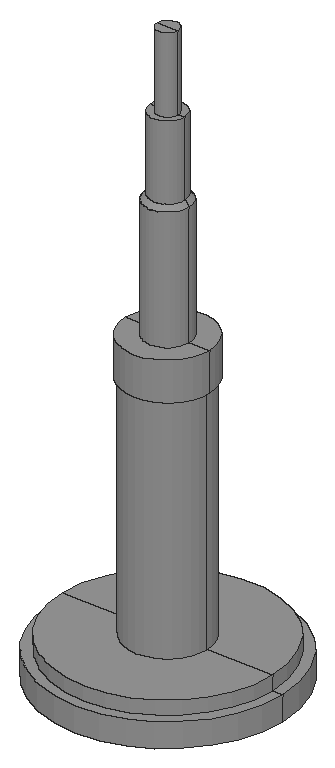
Revit family "Markier- und Spreizwerkzeug E-MSH 8x30", category Generic Models, Revit 2017
Family settings
  Can host rebar = No
  Round Connector Dimension = Use Diameter
  Part Type = Normal
  Work Plane-Based = No
  Always vertical = Yes
  Cut with Voids When Loaded = No
  Shared = No
  Room Calculation Point = No
Parameters (values of type "E-MSH 8x30")
  URL = "http://www.obo-bettermann.com"
  Material = Electrogalvanised
  Manufacturer Art.No. = "3492968"
  Manufacturer = "OBO BETTERMANN"
  GTIN = "4012196709731"
  Description = ""
  Article Type = "E-MSH 8x30"
Reference planes
  plane 1 "Center (Front/Back)": y = 0
  plane 2: z = 0
  plane 3 "Center (Left/Right)": x = 0
Forms (mm)
  Revolve 1, solid, material "Electrogalvanised" <- "Material"
    sketch origin (0, 0, 0) x (1, 0, 0) y (0, 0, 1)
      loop
        line (0, 0) -> (8.016, 0) -> (8.016, 15) -> (0, 15) -> (0, 0)
      axis (0, 15) -> (0, 0)
    angle from 0 to 360
  Revolve 2, solid, material "Electrogalvanised" <- "Material"
    sketch origin (0, 0, 0) x (1, 0, 0) y (0, 0, 1)
      loop
        line (0, 15) -> (42.549, 15) -> (42.549, 23.849) -> (0, 23.849) -> (0, 15)
      axis (0, 23.849) -> (0, 15)
    angle from 0 to 360
  Revolve 3, solid, material "Electrogalvanised" <- "Material"
    sketch origin (0, 0, 0) x (1, 0, 0) y (0, 0, 1)
      loop
        line (0, 23.849) -> (38.755, 23.849) -> (38.755, 28.849) -> (0, 28.849) -> (0, 23.849)
      axis (0, 28.849) -> (0, 23.849)
    angle from 0 to 360
  Revolve 4, solid, material "Electrogalvanised" <- "Material"
    sketch origin (0, 0, 0) x (1, 0, 0) y (0, 0, 1)
      loop
        line (0, 28.849) -> (14.521, 28.849) -> (14.521, 113.849) -> (0, 113.849) -> (0, 28.849)
      axis (0, 113.849) -> (0, 28.849)
    angle from 0 to 360
  Revolve 5, solid, material "Electrogalvanised" <- "Material"
    sketch origin (0, 0, 0) x (1, 0, 0) y (0, 0, 1)
      loop
        line (0, 113.849) -> (15.52, 113.849) -> (15.52, 127.831) -> (0, 127.831) -> (0, 113.849)
      axis (0, 127.831) -> (0, 113.849)
    angle from 0 to 360
  Revolve 6, solid, material "Electrogalvanised" <- "Material"
    sketch origin (0, 0, 0) x (1, 0, 0) y (0, 0, 1)
      loop
        line (0, 127.831) -> (7.98, 127.831) -> (7.98, 172.384) -> (0, 172.384) -> (0, 127.831)
      axis (0, 172.384) -> (0, 127.831)
    angle from 0 to 360
  Revolve 7, solid, material "Electrogalvanised" <- "Material"
    sketch origin (0, 0, 0) x (1, 0, 0) y (0, 0, 1)
      loop
        line (0, 172.384) -> (7.98, 172.384) -> (6.307, 174.177) -> (0, 174.177) -> (0, 172.384)
      axis (0, 174.177) -> (0, 172.384)
    angle from 0 to 360
  Revolve 8, solid, material "Electrogalvanised" <- "Material"
    sketch origin (0, 0, 0) x (1, 0, 0) y (0, 0, 1)
      loop
        line (0, 174.177) -> (6.25, 174.177) -> (6.25, 201.465) -> (0, 201.465) -> (0, 174.177)
      axis (0, 201.465) -> (0, 174.177)
    angle from 0 to 360
  Revolve 9, solid, material "Electrogalvanised" <- "Material"
    sketch origin (0, 0, 0) x (1, 0, 0) y (0, 0, 1)
      loop
        line (0, 201.465) -> (3.765, 201.465) -> (3.765, 229.087) -> (0, 229.087) -> (0, 201.465)
      axis (0, 229.087) -> (0, 201.465)
    angle from 0 to 360
Dimensions and locks
  locked: Revolve 1 sketch curve to Revolve 1 sketch curve at 15
  locked: Revolve 1 sketch curve to Revolve 1 sketch curve at 8.016
  locked: Revolve 2 sketch curve to Revolve 2 sketch curve at 8.849
  locked: Revolve 2 sketch curve to Revolve 2 sketch curve at 42.549
  locked: Revolve 3 sketch curve to Revolve 2 at 5
  locked: Revolve 3 sketch curve to Revolve 3 sketch curve at 38.755
  locked: Revolve 4 sketch curve to Revolve 3 at 85
  locked: Revolve 4 sketch curve to Revolve 4 sketch curve at 14.521
  locked: Revolve 5 sketch curve to Revolve 4 at 13.982
  locked: Revolve 5 sketch curve to Revolve 5 sketch curve at 15.52
  locked: Revolve 6 sketch curve to Revolve 5 at 44.552
  locked: Revolve 6 sketch curve to Revolve 6 sketch curve at 7.98
  locked: Revolve 7 sketch curve to Revolve 6 at 1.793
  locked: Revolve 7 sketch curve to Revolve 7 sketch curve at 7.98
  locked: Revolve 8 sketch curve to Revolve 7 at 27.288
  locked: Revolve 8 sketch curve to Revolve 8 sketch curve at 6.25
  locked: Revolve 9 sketch curve to Revolve 8 at 27.622
  locked: Revolve 9 sketch curve to Revolve 9 sketch curve at 3.765
  aligned and locked: level to plane 2
  aligned and locked: Revolve 1 sketch curve to plane 3 "Center (Left/Right)"
  aligned and locked: Revolve 2 sketch curve to plane 3 "Center (Left/Right)"
  aligned and locked: Revolve 3 sketch curve to plane 3 "Center (Left/Right)"
  aligned and locked: Revolve 4 sketch curve to plane 3 "Center (Left/Right)"
  aligned and locked: Revolve 5 sketch curve to plane 3 "Center (Left/Right)"
  aligned and locked: Revolve 6 sketch curve to plane 3 "Center (Left/Right)"
  aligned and locked: Revolve 7 sketch curve to plane 3 "Center (Left/Right)"
  aligned and locked: Revolve 7 to Revolve 8 sketch curve
  aligned and locked: Revolve 8 sketch curve to plane 3 "Center (Left/Right)"
  aligned and locked: Revolve 9 sketch curve to plane 3 "Center (Left/Right)"
